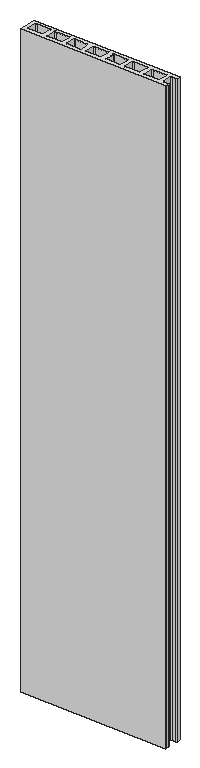
Revit family "ECP_MNH-6050A(オス側カット)", category 一般モデル, Revit 2022
Family settings
  鉄筋をホスト可能 = いいえ
  丸型コネクタ寸法 = 直径を使用
  パーツ タイプ = 標準
  作業面ベース = いいえ
  常に垂直 = はい
  ロード時にボイドで切り取り = はい
  注釈の向きを維持 = いいえ
  共有 = いいえ
  部屋計算ポイント = いいえ
Parameters (values of type "ECP_MNH-6050A")
  長さ [instance] = 2000 mm
  穴表示 = yes
  材質 = 40Msr_ECP
  既定の高さ = 0 mm
  既存長さ = 500 mm
  幅 [instance] = 490 mm
  固定寸法 = 490 mm
  厚さ = 60 mm
  オース側カット [instance] = 固定寸法 - 幅  # 0 mm
  4 オス側カット [instance] = yes
Reference planes
  plane 1 "中心(正面/背面)": y = 0
  plane 2: z = 0
  plane 3 "中心(左/右)": x = 0
  plane 4: y = -30
  plane 5: y = 30
  plane 6: z = 2000
  plane 7: x = 490
  plane 8: x = 0
Forms (mm)
  Extrusion 1, solid, material "40Msr_ECP" <- "材質", detail levels fine
    sketch origin (0, 0, 0) x (1, 0, 0) y (0, 1, 0)
      loop
        line (0, -28) -> (2, -30) -> (488, -30) -> (490, -28) -> (490, -19)
        arc (490, -19) -> (489.121, -16.879) -> (487, -16) r 3
        line (487, -16) -> (473, -16)
        arc (473, -16) -> (470.879, -15.121) -> (470, -13) r 3
        line (470, -13) -> (470, 13)
        arc (470, 13) -> (470.879, 15.121) -> (473, 16) r 3
        line (473, 16) -> (487, 16)
        arc (487, 16) -> (489.121, 16.879) -> (490, 19) r 3
        line (490, 19) -> (490, 28) -> (488, 30) -> (2, 30) -> (0, 28) -> (0, 16)
        arc (0, 16) -> (-0.879, 13.879) -> (-3, 13) r 3
        line (-3, 13) -> (-17, 13)
        arc (-17, 13) -> (-19.121, 12.121) -> (-20, 10) r 3
        line (-20, 10) -> (-20, -10)
        arc (-20, -10) -> (-19.121, -12.121) -> (-17, -13) r 3
        line (-17, -13) -> (-3, -13)
        arc (-3, -13) -> (-0.879, -13.879) -> (0, -16) r 3
        line (0, -16) -> (0, -28)
    from 0 to 2000
  Extrusion 2, void
    sketch origin (-50, 0, 0) x (1, 0, 0) y (0, 1, 0)
      loop
        line (50, -30) -> (50, 30) -> (30, 30) -> (30, -30) -> (50, -30)
    from 0 to 2000
  Extrusion 3, void
    sketch origin (-617, 0, 0) x (1, 0, 0) y (0, 1, 0)
      loop
        line (633, -17) -> (678.75, -17)
        arc (678.75, -17) -> (680.871, -16.121) -> (681.75, -14) r 3
        line (681.75, -14) -> (681.75, 14)
        arc (681.75, 14) -> (680.871, 16.121) -> (678.75, 17) r 3
        line (678.75, 17) -> (633, 17)
        arc (633, 17) -> (630.879, 16.121) -> (630, 14) r 3
        line (630, 14) -> (630, -14)
        arc (630, -14) -> (630.879, -16.121) -> (633, -17) r 3
      loop
        line (697.75, -17) -> (744.25, -17)
        arc (744.25, -17) -> (746.372, -16.121) -> (747.25, -14) r 3
        line (747.25, -14) -> (747.25, 14)
        arc (747.25, 14) -> (746.372, 16.121) -> (744.25, 17) r 3
        line (744.25, 17) -> (697.75, 17)
        arc (697.75, 17) -> (695.629, 16.121) -> (694.75, 14) r 3
        line (694.75, 14) -> (694.75, -14)
        arc (694.75, -14) -> (695.629, -16.121) -> (697.75, -17) r 3
      loop
        line (763.25, -17) -> (809.75, -17)
        arc (809.75, -17) -> (811.871, -16.121) -> (812.75, -14) r 3
        line (812.75, -14) -> (812.75, 14)
        arc (812.75, 14) -> (811.871, 16.121) -> (809.75, 17) r 3
        line (809.75, 17) -> (763.25, 17)
        arc (763.25, 17) -> (761.129, 16.121) -> (760.25, 14) r 3
        line (760.25, 14) -> (760.25, -14)
        arc (760.25, -14) -> (761.129, -16.121) -> (763.25, -17) r 3
      loop
        line (828.75, -17) -> (875.25, -17)
        arc (875.25, -17) -> (877.372, -16.121) -> (878.25, -14) r 3
        line (878.25, -14) -> (878.25, 14)
        arc (878.25, 14) -> (877.372, 16.121) -> (875.25, 17) r 3
        line (875.25, 17) -> (828.75, 17)
        arc (828.75, 17) -> (826.629, 16.121) -> (825.75, 14) r 3
        line (825.75, 14) -> (825.75, -14)
        arc (825.75, -14) -> (826.629, -16.121) -> (828.75, -17) r 3
      loop
        line (894.25, -17) -> (940.75, -17)
        arc (940.75, -17) -> (942.872, -16.121) -> (943.75, -14) r 3
        line (943.75, -14) -> (943.75, 14)
        arc (943.75, 14) -> (942.872, 16.121) -> (940.75, 17) r 3
        line (940.75, 17) -> (894.25, 17)
        arc (894.25, 17) -> (892.129, 16.121) -> (891.25, 14) r 3
        line (891.25, 14) -> (891.25, -14)
        arc (891.25, -14) -> (892.129, -16.121) -> (894.25, -17) r 3
      loop
        line (959.75, -17) -> (1006.25, -17)
        arc (1006.25, -17) -> (1008.372, -16.121) -> (1009.25, -14) r 3
        line (1009.25, -14) -> (1009.25, 14)
        arc (1009.25, 14) -> (1008.372, 16.121) -> (1006.25, 17) r 3
        line (1006.25, 17) -> (959.75, 17)
        arc (959.75, 17) -> (957.629, 16.121) -> (956.75, 14) r 3
        line (956.75, 14) -> (956.75, -14)
        arc (956.75, -14) -> (957.629, -16.121) -> (959.75, -17) r 3
      loop
        line (1025.25, -17) -> (1071, -17)
        arc (1071, -17) -> (1073.122, -16.121) -> (1074, -14) r 3
        line (1074, -14) -> (1074, 14)
        arc (1074, 14) -> (1073.122, 16.121) -> (1071, 17) r 3
        line (1071, 17) -> (1025.25, 17)
        arc (1025.25, 17) -> (1023.129, 16.121) -> (1022.25, 14) r 3
        line (1022.25, 14) -> (1022.25, -14)
        arc (1022.25, -14) -> (1023.129, -16.121) -> (1025.25, -17) r 3
    from 0 to 2000
Cuts and joins
  Extrusion 2, Extrusion 3 cuts Extrusion 1
Lines and regions (mm)
  symbolic lines, style "ECPパネル", detail levels coarse+medium
    curve 1: line (0, 30, 0) -> (490, 30, 0)
    curve 2: line (0, -30, 0) -> (0, 30, 0)
    curve 3: line (490, -30, 0) -> (0, -30, 0)
    curve 4: line (490, 30, 0) -> (490, -30, 0)
    curve 5: line (0, 0, 0) -> (490, 0, 0)
    curve 6: line (0, 0, 2000) -> (0, 0, 0)
    curve 7: line (490, 0, 2000) -> (0, 0, 2000)
    curve 8: line (490, 0, 0) -> (490, 0, 2000)
    curve 9: line (0, -30, 2000) -> (0, 30, 2000)
    curve 10: line (0, -30, 0) -> (0, -30, 2000)
    curve 11: line (0, 30, 0) -> (0, -30, 0)
    curve 12: line (0, 30, 2000) -> (0, 30, 0)
Dimensions and locks
  "厚さ": plane 4 to plane 5
  "長さ": plane 6 to level
  equal spacing: plane 4, plane 1 "中心(正面/背面)", plane 5
  "長さ": cut or joined group of Extrusion 1, Extrusion 2, Extrusion 3 to level
  "長さ": Extrusion 2 to level
  "幅": cut or joined group of Extrusion 1, Extrusion 2, Extrusion 3 to curve 8
  "長さ": level to Extrusion 3
  "固定寸法": plane 3 "中心(左/右)" to cut or joined group of Extrusion 1, Extrusion 2, Extrusion 3
  "幅": plane 8 to plane 7
  "オース側カット": plane 3 "中心(左/右)" to Extrusion 2 sketch curve
  aligned and locked: level to plane 2
Automatic sketch dimensions
  curve 11 to level = 0 mm
  curve 11 to plane 4 = 0 mm
  curve 11 to plane 5 = 0 mm
  curve 10 to plane 6 = 0 mm
  curve 7 to plane 3 "中心(左/右)" = 0 mm
  curve 5 to level = 0 mm
  curve 7 to plane 6 = 0 mm
  Extrusion 1 sketch curve to plane 3 "中心(左/右)" = 0 mm  (x2)
  plane 5 to Extrusion 1 sketch curve = 0 mm
  plane 4 to Extrusion 1 sketch curve = 0 mm
  Extrusion 1 sketch curve to plane 3 "中心(左/右)" = 3 mm  (x2)
  Extrusion 1 sketch curve to Extrusion 1 sketch curve = 14 mm  (x4)
  Extrusion 1 sketch curve to Extrusion 1 sketch curve = 3 mm  (x3)
  plane 3 "中心(左/右)" to Extrusion 1 sketch curve = 2 mm  (x2)
  plane 1 "中心(正面/背面)" to Extrusion 1 sketch curve = 13 mm
  Extrusion 1 sketch curve to Extrusion 1 sketch curve = 1 mm  (x2)
  Extrusion 1 sketch curve to Extrusion 1 sketch curve = 2 mm  (x2)
  Extrusion 1 sketch curve to plane 4 = 2 mm  (x2)
  Extrusion 1 sketch curve to Extrusion 1 sketch curve = 12 mm
  Extrusion 1 sketch curve to plane 1 "中心(正面/背面)" = 10 mm
  Extrusion 1 sketch curve to plane 1 "中心(正面/背面)" = 13 mm
  plane 5 to Extrusion 1 sketch curve = 2 mm  (x2)
  plane 3 "中心(左/右)" to Extrusion 3 sketch curve = 13 mm
  Extrusion 3 sketch curve to Extrusion 3 sketch curve = 3 mm  (x22)
  plane 5 to Extrusion 3 sketch curve = 13 mm  (x6)
  Extrusion 3 sketch curve to Extrusion 3 sketch curve = 45.75 mm  (x2)
  Extrusion 3 sketch curve to Extrusion 3 sketch curve = 0 mm  (x8)
  Extrusion 3 sketch curve to Extrusion 3 sketch curve = 13 mm  (x6)
  Extrusion 3 sketch curve to Extrusion 3 sketch curve = 46.5 mm  (x5)
  plane 1 "中心(正面/背面)" to Extrusion 3 sketch curve = 14 mm  (x6)
  Extrusion 1 sketch curve to Extrusion 1 sketch curve = 468 mm
  plane 4 to Extrusion 2 sketch curve = 0 mm
  plane 5 to Extrusion 2 sketch curve = 0 mm
  Extrusion 2 sketch curve to plane 3 "中心(左/右)" = 20 mm
  plane 4 to curve 3 = 0 mm
  curve 3 to plane 8 = 0 mm
  curve 3 to plane 7 = 0 mm
  plane 5 to curve 2 = 0 mm
